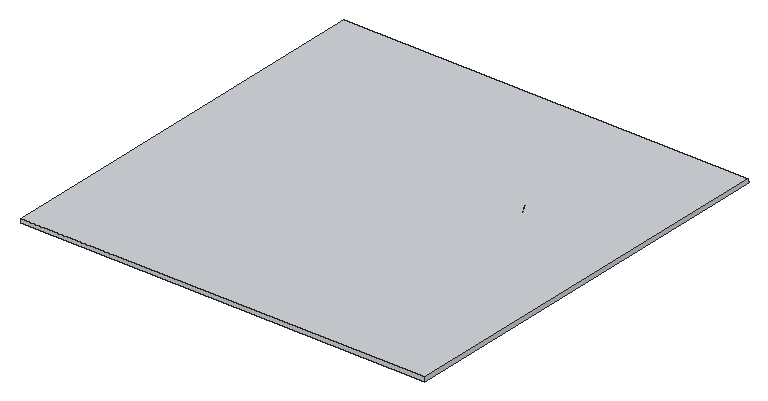
Revit family "Tyco_FireDtctnAlmCtrlIndctEquip_FireClass-AddressableOpticalSmokeAndHeatDetector", category Fire Alarm Devices, host Face, Revit 2013
Parameters (values of type "FC460PH")
  Weight = "(Excluding Base) 76g"
  WarrantyStartDate [instance] = "1900-12-31T23:59:59"
  WarrantyGuarantorParts = "Contact your supplier. If you don’t have your supplier contact details please contact (tfsuk.service@tycoint.com) or (tfseu.service@tycoint.com)"
  WarrantyGuarantorLabor = "Contact your supplier. If you don’t have your supplier contact details please contact (tfsuk.service@tycoint.com) or (tfseu.service@tycoint.com)"
  WarrantyDurationUnit = "Year"
  WarrantyDurationParts = "1.5 years"
  WarrantyDurationLabor = "1.5 years"
  WarrantyDescription = "n/a"
  Voltage = "20 – 40 VDC"
  Version = "1"
  UsageCurrent = "250μA"
  Uniclass2 = "Ee_40_15_75"
  URL = "https://fireclass.co.uk/en/emea/Pages/ProductDetail.aspx?productdetail=FireClass+Smoke+Flame+Detector+Addressable+Optical+Heat+Alarm+FC460PH"
  Type Comments = "Only 4B_Detector or 4B-I_Isolator Detector Bases can be used with FC460PH Detector"
  TimeConstant = "n/a"
  TagNumber [instance] = "n/a"
  SustainabilityPerformance = "n/a"
  StorageTemperature = "-40 °C to +80 °C"
  SmokeSensorRange = "n/a"
  Size = "n/a"
  ShortCircuitIsolators = no
  Shape = "n/a"
  SerialNumber [instance] = "n/a"
  Revision = "n/a"
  ReplacementCost = "n/a"
  RelativeHumidity = "95%(non-condensing)"
  Reference = "n/a"
  QuiescentCurrent = "250μA"
  ProductSpecification = "FC460PH Addressable Optical Smoke and Heat Detector without built in- line isolator and IR Communication Link"
  ProductInformation = "https://fireclass.co.uk/en/emea/Pages/ProductDetail.aspx?productdetail=FireClass+Smoke+Flame+Detector+Addressable+Optical+Heat+Alarm+FC460PH"
  ProductCodes = "516.460.501"
  PressureSensorSetPoint = "n/a"
  PhaseReference = "n/a"
  PhaseAngle = 0.00°
  OperationTemperatureRange = "-25 °C to +70 °C"
  NumberOfPoles = 0
  NominalWidth = 108 mm
  NominalVoltage = "40 V DC"
  NominalLength = 108 mm
  NominalHeight = 42 mm
  NominalFrequencyRange = "n/a"
  NominalDiameter = 108 mm
  NominalCurrent = "n/a"
  Name = "FC460PH Addressable Optical Smoke and Heat Detector without built in- line isolator and IR Communication Link"
  NBSReference = "90-75-30/380"
  NBSDescription = "Fire detection and alarm control and indicating equipment (CIE)"
  ModelReference = "n/a"
  ModelNumber = "FC460PH"
  Model = "FC460PH"
  Material = "Flame Retardant-FR3010 ‘BAYBLEND'"
  ManufacturerURL = "www.fireclass.net"
  ManufacturerName = "Tyco Fire Protection Products"
  Manufacturer = "Tyco Fire Protection Products"  # constant formula
  InsulationStandardClass = "n/a"
  InstallationDate [instance] = "1900-12-31T23:59:59"
  IfcTypeObject = "IfcBuildingElementProxy"
  IfcExportType = "HEATSENSOR"
  IfcExportAs = "IfcSensorType"
  IPCode = "IP44"
  HeatSensorSetPoint = "n/a"
  HeatSensorRange = "n/a"
  HeatSensorAccuracy = "n/a"
  HasProtectiveEarth = no
  HasBuiltInAlarm = no
  Grade = "n/a"
  Finish = "n/a"
  Features = "Photo Heat Multi-Sensor Detector"
  ExpectedLife = "n/a"
  ElectricalDeviceNominalPower = "n/a"
  DurationUnit = "Year"
  DeviceBases = "4B_Detector Base/4B-I_Isolator Detector Base"
  DetectorType = "Photo Heat Multi-Sensor Detector"
  Detector Color = Plastic Material White
  Detector Base [instance] = 4B series Detector Bases : 4B_Detector_Base
  Description = "FireClass-Addressable Optical Smoke and Heat Detector without built in- line isolator and IR Communication Link"
  Default Elevation = 1200 mm
  CoverageArea = "n/a"
  Constituents = "n/a"
  Color = "White"
  CodePerformance = "n/a"
  Category = "Ee_40_15_75"
  Brand = "FireClass"
  BarCode [instance] = "n/a"
  BIMObjectName = "Tyco_FireDtctnAlmCtrlIndctEquip_FireClass-AddressableOpticalSmokeAndHeatDetector-FC460PH"
  Author = "Tyco Fire Protection Products"
  AssetType = "Moveable"
  AssetIdentifier [instance] = "n/a"
  AlarmCurrent = "3.3mA"
  AccuracyOfSmokeSensor = "n/a"
  AccessibilityPerformance = "n/a"
Reference planes
  plane 1 "Center (Front/Back)": y = 0
  plane 2: z = 0
  plane 3 "Center (Left/Right)": x = 0
  plane 4 "Base Ref": z = -13
  plane 5: z = -55
Forms (mm)
  Extrusion 1, solid
    sketch origin (0, 0, 0) x (1, 0, 0) y (0, 1, 0)
      loop
        line (-100, 100) -> (-100, -100) -> (100, -100) -> (100, 100) -> (-100, 100)
    from 0 to 2
Lines and regions (mm)
  symbolic lines
    curve 1: circle (0, 0, 0) r 55 normal (0, 0, 1)
    curve 2: circle (0, 0, 0) r 27.844 normal (0, 0, 1)
    curve 3: line (-54.5, 0, 0) -> (54.5, 0, 0)
    curve 63: line (0, 54.516, 0) -> (0, -54.509, 0)
  symbolic lines, detail levels medium+fine
    curve 4: line (54.5, 0, 0) -> (54, 0, -13)
    curve 5: line (54, 0, -13) -> (-54, 0, -13)
    curve 6: line (-54, 0, -13) -> (-54.5, 0, 0)
    curve 7: arc (-37.856, 0, -36.4) -> (-41.005, 0, -33.439) -> (-44.898, 0, -31.56) r 14.24
    curve 8: arc (-53.231, 0, -21.704) -> (-50.512, 0, -27.856) -> (-44.898, 0, -31.56) r 11.931
    curve 9: arc (-37.856, 0, -36.4) -> (-35.038, 0, -40.489) -> (-32.735, 0, -44.888) r 41.028
    curve 10: arc (-32.735, 0, -44.888) -> (-28.969, 0, -50.351) -> (-22.82, 0, -52.844) r 11.564
    curve 11: arc (0, 0, -55) -> (-11.461, 0, -54.465) -> (-22.82, 0, -52.844) r 120.632
    curve 12: line (-53.231, 0, -21.704) -> (-54, 0, -13)
    curve 13: arc (37.856, 0, -36.4) -> (41.005, 0, -33.439) -> (44.898, 0, -31.56) r 14.24
    curve 14: arc (53.231, 0, -21.704) -> (50.512, 0, -27.856) -> (44.898, 0, -31.56) r 11.931
    curve 15: arc (37.856, 0, -36.4) -> (35.038, 0, -40.489) -> (32.735, 0, -44.888) r 41.028
    curve 16: arc (32.735, 0, -44.888) -> (28.969, 0, -50.351) -> (22.82, 0, -52.844) r 11.564
    curve 17: arc (0, 0, -55) -> (11.461, 0, -54.465) -> (22.82, 0, -52.844) r 120.632
    curve 18: line (53.231, 0, -21.704) -> (54, 0, -13)
    curve 19: spline (-22.136, 0, -44.829) -> (-22.285, 0, -44.257) -> (-22.444, 0, -43.692) -> (-22.614, 0, -43.133) -> (-22.795, 0, -42.58) -> (-22.986, 0, -42.035) -> (-23.187, 0, -41.497) -> (-23.398, 0, -40.966) -> (-23.619, 0, -40.444) -> (-23.851, 0, -39.931) -> (-24.091, 0, -39.426) -> (-24.341, 0, -38.931) -> (-24.601, 0, -38.445)
    curve 20: spline (-24.601, 0, -38.445) -> (-24.702, 0, -38.266) -> (-24.8, 0, -38.089) -> (-24.896, 0, -37.913) -> (-24.989, 0, -37.739) -> (-25.079, 0, -37.565) -> (-25.167, 0, -37.393) -> (-25.251, 0, -37.223) -> (-25.333, 0, -37.055) -> (-25.411, 0, -36.888) -> (-25.487, 0, -36.723) -> (-25.559, 0, -36.561) -> (-25.629, 0, -36.4)
    curve 21: spline (-16.99, 0, -52.18) -> (-17.571, 0, -51.85) -> (-18.133, 0, -51.46) -> (-18.674, 0, -51.012) -> (-19.19, 0, -50.509) -> (-19.678, 0, -49.954) -> (-20.135, 0, -49.35) -> (-20.561, 0, -48.7) -> (-20.951, 0, -48.007) -> (-21.304, 0, -47.275) -> (-21.617, 0, -46.509) -> (-21.89, 0, -45.712) -> (-22.121, 0, -44.888)
    curve 22: spline (-15.029, 0, -52.569) -> (-15.179, 0, -52.575) -> (-15.34, 0, -52.573) -> (-15.509, 0, -52.563) -> (-15.684, 0, -52.545) -> (-15.863, 0, -52.52) -> (-16.042, 0, -52.488) -> (-16.219, 0, -52.45) -> (-16.391, 0, -52.405) -> (-16.557, 0, -52.355) -> (-16.713, 0, -52.3) -> (-16.858, 0, -52.241) -> (-16.99, 0, -52.179)
    curve 23: line (-8.615, 0, -52.569) -> (-15.029, 0, -52.569)
    curve 24: spline (-7.74, 0, -52.193) -> (-7.718, 0, -52.242) -> (-7.714, 0, -52.29) -> (-7.729, 0, -52.336) -> (-7.763, 0, -52.379) -> (-7.816, 0, -52.418) -> (-7.886, 0, -52.454) -> (-7.973, 0, -52.486) -> (-8.076, 0, -52.513) -> (-8.193, 0, -52.535) -> (-8.323, 0, -52.552) -> (-8.464, 0, -52.563) -> (-8.615, 0, -52.569)
    curve 25: spline (-9.631, 0, -44.858) -> (-9.546, 0, -45.688) -> (-9.446, 0, -46.491) -> (-9.331, 0, -47.263) -> (-9.201, 0, -48) -> (-9.057, 0, -48.698) -> (-8.9, 0, -49.353) -> (-8.732, 0, -49.961) -> (-8.552, 0, -50.519) -> (-8.361, 0, -51.024) -> (-8.162, 0, -51.472) -> (-7.955, 0, -51.863) -> (-7.74, 0, -52.193)
    curve 26: spline (-10.535, 0, -38.446) -> (-10.44, 0, -38.934) -> (-10.348, 0, -39.431) -> (-10.26, 0, -39.938) -> (-10.175, 0, -40.454) -> (-10.093, 0, -40.978) -> (-10.016, 0, -41.511) -> (-9.942, 0, -42.052) -> (-9.872, 0, -42.6) -> (-9.806, 0, -43.155) -> (-9.743, 0, -43.716) -> (-9.685, 0, -44.285) -> (-9.631, 0, -44.858)
    curve 27: spline (-11.314, 0, -36.4) -> (-11.222, 0, -36.558) -> (-11.135, 0, -36.719) -> (-11.053, 0, -36.883) -> (-10.976, 0, -37.048) -> (-10.903, 0, -37.216) -> (-10.836, 0, -37.386) -> (-10.773, 0, -37.558) -> (-10.715, 0, -37.732) -> (-10.663, 0, -37.908) -> (-10.615, 0, -38.086) -> (-10.573, 0, -38.265) -> (-10.535, 0, -38.446)
    curve 28: line (-11.314, 0, -36.4) -> (-25.629, 0, -36.4)
    curve 29: line (25.629, 0, -36.4) -> (11.314, 0, -36.4)
    curve 30: spline (10.566, 0, -38.296) -> (10.604, 0, -38.131) -> (10.646, 0, -37.967) -> (10.693, 0, -37.804) -> (10.745, 0, -37.642) -> (10.8, 0, -37.482) -> (10.861, 0, -37.322) -> (10.926, 0, -37.165) -> (10.995, 0, -37.008) -> (11.068, 0, -36.854) -> (11.146, 0, -36.701) -> (11.228, 0, -36.549) -> (11.314, 0, -36.4)
    curve 31: spline (9.631, 0, -44.858) -> (9.686, 0, -44.27) -> (9.747, 0, -43.687) -> (9.811, 0, -43.111) -> (9.879, 0, -42.542) -> (9.951, 0, -41.981) -> (10.028, 0, -41.428) -> (10.108, 0, -40.883) -> (10.192, 0, -40.346) -> (10.28, 0, -39.819) -> (10.371, 0, -39.301) -> (10.467, 0, -38.794) -> (10.566, 0, -38.296)
    curve 32: spline (7.762, 0, -52.162) -> (7.974, 0, -51.829) -> (8.179, 0, -51.436) -> (8.376, 0, -50.987) -> (8.564, 0, -50.482) -> (8.742, 0, -49.926) -> (8.909, 0, -49.32) -> (9.063, 0, -48.669) -> (9.205, 0, -47.976) -> (9.334, 0, -47.244) -> (9.448, 0, -46.478) -> (9.547, 0, -45.681) -> (9.631, 0, -44.858)
    curve 33: spline (8.688, 0, -52.569) -> (8.521, 0, -52.575) -> (8.364, 0, -52.572) -> (8.22, 0, -52.562) -> (8.091, 0, -52.543) -> (7.979, 0, -52.517) -> (7.884, 0, -52.483) -> (7.81, 0, -52.443) -> (7.757, 0, -52.396) -> (7.725, 0, -52.344) -> (7.716, 0, -52.288) -> (7.729, 0, -52.227) -> (7.764, 0, -52.163)
    curve 34: line (8.688, 0, -52.569) -> (15.092, 0, -52.569)
    curve 35: spline (17.057, 0, -52.145) -> (16.931, 0, -52.199) -> (16.791, 0, -52.252) -> (16.637, 0, -52.303) -> (16.473, 0, -52.352) -> (16.301, 0, -52.397) -> (16.124, 0, -52.438) -> (15.944, 0, -52.474) -> (15.763, 0, -52.505) -> (15.585, 0, -52.53) -> (15.413, 0, -52.55) -> (15.247, 0, -52.563) -> (15.092, 0, -52.569)
    curve 36: spline (22.121, 0, -44.888) -> (21.893, 0, -45.704) -> (21.623, 0, -46.494) -> (21.313, 0, -47.254) -> (20.965, 0, -47.98) -> (20.58, 0, -48.668) -> (20.161, 0, -49.314) -> (19.709, 0, -49.916) -> (19.228, 0, -50.469) -> (18.719, 0, -50.971) -> (18.186, 0, -51.419) -> (17.631, 0, -51.811) -> (17.057, 0, -52.145)
    curve 37: spline (24.552, 0, -38.534) -> (24.296, 0, -39.018) -> (24.049, 0, -39.512) -> (23.812, 0, -40.015) -> (23.584, 0, -40.526) -> (23.366, 0, -41.046) -> (23.157, 0, -41.574) -> (22.959, 0, -42.109) -> (22.77, 0, -42.652) -> (22.592, 0, -43.202) -> (22.425, 0, -43.758) -> (22.268, 0, -44.32) -> (22.121, 0, -44.888)
    curve 38: spline (25.629, 0, -36.4) -> (25.553, 0, -36.565) -> (25.475, 0, -36.732) -> (25.394, 0, -36.903) -> (25.31, 0, -37.075) -> (25.224, 0, -37.25) -> (25.135, 0, -37.428) -> (25.044, 0, -37.607) -> (24.95, 0, -37.789) -> (24.854, 0, -37.973) -> (24.756, 0, -38.158) -> (24.655, 0, -38.345) -> (24.552, 0, -38.534)
    curve 39: spline (-5.342, 0, -52.17) -> (-5.554, 0, -51.838) -> (-5.76, 0, -51.446) -> (-5.958, 0, -50.996) -> (-6.146, 0, -50.492) -> (-6.324, 0, -49.935) -> (-6.492, 0, -49.329) -> (-6.647, 0, -48.677) -> (-6.789, 0, -47.982) -> (-6.918, 0, -47.249) -> (-7.032, 0, -46.481) -> (-7.132, 0, -45.683) -> (-7.216, 0, -44.858)
    curve 40: spline (-7.216, 0, -44.858) -> (-7.282, 0, -44.168) -> (-7.354, 0, -43.485) -> (-7.431, 0, -42.812) -> (-7.514, 0, -42.149) -> (-7.603, 0, -41.497) -> (-7.697, 0, -40.857) -> (-7.796, 0, -40.228) -> (-7.901, 0, -39.612) -> (-8.011, 0, -39.01) -> (-8.125, 0, -38.421) -> (-8.245, 0, -37.848) -> (-8.369, 0, -37.289)
    curve 41: spline (-8.369, 0, -37.289) -> (-8.387, 0, -37.213) -> (-8.403, 0, -37.138) -> (-8.418, 0, -37.063) -> (-8.433, 0, -36.988) -> (-8.447, 0, -36.913) -> (-8.46, 0, -36.839) -> (-8.471, 0, -36.765) -> (-8.482, 0, -36.691) -> (-8.492, 0, -36.618) -> (-8.502, 0, -36.545) -> (-8.51, 0, -36.472) -> (-8.517, 0, -36.4)
    curve 42: line (8.517, 0, -36.4) -> (-8.517, 0, -36.4)
    curve 43: spline (8.517, 0, -36.4) -> (8.51, 0, -36.474) -> (8.501, 0, -36.548) -> (8.491, 0, -36.622) -> (8.481, 0, -36.697) -> (8.47, 0, -36.772) -> (8.457, 0, -36.847) -> (8.444, 0, -36.923) -> (8.43, 0, -37) -> (8.415, 0, -37.076) -> (8.399, 0, -37.153) -> (8.383, 0, -37.231) -> (8.365, 0, -37.308)
    curve 44: spline (8.365, 0, -37.308) -> (8.241, 0, -37.866) -> (8.122, 0, -38.438) -> (8.008, 0, -39.025) -> (7.899, 0, -39.626) -> (7.794, 0, -40.241) -> (7.695, 0, -40.868) -> (7.602, 0, -41.507) -> (7.513, 0, -42.157) -> (7.43, 0, -42.818) -> (7.353, 0, -43.489) -> (7.282, 0, -44.17) -> (7.216, 0, -44.858)
    curve 45: spline (7.216, 0, -44.858) -> (7.132, 0, -45.678) -> (7.034, 0, -46.472) -> (6.92, 0, -47.236) -> (6.792, 0, -47.966) -> (6.651, 0, -48.657) -> (6.497, 0, -49.307) -> (6.331, 0, -49.911) -> (6.155, 0, -50.467) -> (5.968, 0, -50.971) -> (5.772, 0, -51.421) -> (5.568, 0, -51.815) -> (5.357, 0, -52.149)
    curve 46: spline (5.355, 0, -52.148) -> (5.306, 0, -52.202) -> (5.236, 0, -52.255) -> (5.147, 0, -52.305) -> (5.039, 0, -52.353) -> (4.913, 0, -52.398) -> (4.773, 0, -52.439) -> (4.62, 0, -52.475) -> (4.456, 0, -52.505) -> (4.283, 0, -52.531) -> (4.104, 0, -52.55) -> (3.922, 0, -52.563) -> (3.739, 0, -52.569)
    curve 47: line (-3.661, 0, -52.569) -> (3.739, 0, -52.569)
    curve 48: spline (-3.661, 0, -52.569) -> (-3.845, 0, -52.575) -> (-4.029, 0, -52.573) -> (-4.211, 0, -52.562) -> (-4.387, 0, -52.544) -> (-4.556, 0, -52.519) -> (-4.715, 0, -52.486) -> (-4.862, 0, -52.446) -> (-4.994, 0, -52.4) -> (-5.109, 0, -52.348) -> (-5.207, 0, -52.292) -> (-5.284, 0, -52.232) -> (-5.341, 0, -52.169)
    curve 49: line (44.898, 0, -31.56) -> (-44.898, 0, -31.56)
    curve 50: spline (0, 37.856, -36.4) -> (0, 37.299, -37.005) -> (0, 36.763, -37.63) -> (0, 36.251, -38.275) -> (0, 35.762, -38.94) -> (0, 35.296, -39.622) -> (0, 34.855, -40.322) -> (0, 34.439, -41.038) -> (0, 34.049, -41.77) -> (0, 33.685, -42.516) -> (0, 33.348, -43.275) -> (0, 33.038, -44.046) -> (0, 32.755, -44.829)
    curve 51: spline (0, 32.755, -44.829) -> (0, 32.382, -45.801) -> (0, 31.928, -46.735) -> (0, 31.397, -47.625) -> (0, 30.793, -48.464) -> (0, 30.122, -49.246) -> (0, 29.387, -49.964) -> (0, 28.594, -50.613) -> (0, 27.75, -51.188) -> (0, 26.861, -51.685) -> (0, 25.934, -52.1) -> (0, 24.975, -52.43) -> (0, 23.992, -52.672)
    curve 52: arc (0, 53.231, -21.704) -> (0, 50.509, -27.854) -> (0, 44.898, -31.56) r 11.949
    curve 53: arc (0, 44.898, -31.56) -> (0, 41.006, -33.441) -> (0, 37.856, -36.4) r 14.284
    curve 54: arc (0, 23.992, -52.672) -> (0, 12.052, -54.412) -> (0, 0, -55) r 125.727
    curve 55: line (0, 53.231, -21.704) -> (0, 53.992, -13)
    curve 56: spline (0, -37.856, -36.4) -> (0, -37.299, -37.005) -> (0, -36.763, -37.63) -> (0, -36.251, -38.275) -> (0, -35.762, -38.94) -> (0, -35.296, -39.622) -> (0, -34.855, -40.322) -> (0, -34.439, -41.038) -> (0, -34.049, -41.77) -> (0, -33.685, -42.516) -> (0, -33.348, -43.275) -> (0, -33.038, -44.046) -> (0, -32.755, -44.829)
    curve 57: spline (0, -32.755, -44.829) -> (0, -32.382, -45.801) -> (0, -31.928, -46.735) -> (0, -31.397, -47.625) -> (0, -30.793, -48.464) -> (0, -30.122, -49.246) -> (0, -29.387, -49.964) -> (0, -28.594, -50.613) -> (0, -27.75, -51.188) -> (0, -26.861, -51.685) -> (0, -25.934, -52.1) -> (0, -24.975, -52.43) -> (0, -23.992, -52.672)
    curve 58: arc (0, -53.231, -21.704) -> (0, -50.509, -27.854) -> (0, -44.898, -31.56) r 11.949
    curve 59: arc (0, -44.898, -31.56) -> (0, -41.006, -33.441) -> (0, -37.856, -36.4) r 14.284
    curve 60: arc (0, -23.992, -52.672) -> (0, -12.052, -54.412) -> (0, 0, -55) r 125.727
    curve 61: line (0, -53.231, -21.704) -> (0, -53.992, -13)
    curve 62: line (0, 53.992, -13) -> (0, -53.992, -13)
    curve 64: line (0, -54.509, 0) -> (0, -53.992, -13)
    curve 65: line (0, 53.992, -13) -> (0, 54.516, 0)
    curve 66: line (0, 53.231, -21.704) -> (0, -53.231, -21.704)
    curve 67: spline (0, 5.342, -52.17) -> (0, 5.554, -51.838) -> (0, 5.76, -51.446) -> (0, 5.958, -50.996) -> (0, 6.146, -50.492) -> (0, 6.324, -49.935) -> (0, 6.492, -49.329) -> (0, 6.647, -48.677) -> (0, 6.789, -47.982) -> (0, 6.918, -47.249) -> (0, 7.032, -46.481) -> (0, 7.132, -45.683) -> (0, 7.216, -44.858)
    curve 68: spline (0, 3.661, -52.569) -> (0, 3.845, -52.575) -> (0, 4.029, -52.573) -> (0, 4.21, -52.562) -> (0, 4.387, -52.544) -> (0, 4.556, -52.519) -> (0, 4.715, -52.486) -> (0, 4.862, -52.446) -> (0, 4.994, -52.4) -> (0, 5.109, -52.348) -> (0, 5.207, -52.292) -> (0, 5.284, -52.232) -> (0, 5.341, -52.169)
    curve 69: line (0, 0, -52.569) -> (0, 3.661, -52.569)
    curve 70: line (0, -3.739, -52.569) -> (0, 0, -52.569)
    curve 71: spline (0, -5.355, -52.148) -> (0, -5.306, -52.202) -> (0, -5.236, -52.255) -> (0, -5.147, -52.305) -> (0, -5.039, -52.353) -> (0, -4.913, -52.398) -> (0, -4.773, -52.439) -> (0, -4.62, -52.475) -> (0, -4.456, -52.505) -> (0, -4.283, -52.531) -> (0, -4.104, -52.55) -> (0, -3.922, -52.563) -> (0, -3.739, -52.569)
    curve 72: spline (0, -7.216, -44.858) -> (0, -7.132, -45.678) -> (0, -7.034, -46.472) -> (0, -6.92, -47.236) -> (0, -6.792, -47.966) -> (0, -6.651, -48.657) -> (0, -6.497, -49.307) -> (0, -6.331, -49.911) -> (0, -6.155, -50.467) -> (0, -5.968, -50.971) -> (0, -5.772, -51.421) -> (0, -5.568, -51.815) -> (0, -5.357, -52.149)
    curve 73: spline (0, -8.365, -37.308) -> (0, -8.241, -37.866) -> (0, -8.122, -38.438) -> (0, -8.008, -39.025) -> (0, -7.899, -39.626) -> (0, -7.794, -40.241) -> (0, -7.695, -40.868) -> (0, -7.602, -41.507) -> (0, -7.513, -42.157) -> (0, -7.43, -42.818) -> (0, -7.353, -43.489) -> (0, -7.282, -44.17) -> (0, -7.216, -44.858)
    curve 74: spline (0, 7.216, -44.858) -> (0, 7.282, -44.165) -> (0, 7.354, -43.48) -> (0, 7.432, -42.805) -> (0, 7.516, -42.14) -> (0, 7.605, -41.486) -> (0, 7.699, -40.843) -> (0, 7.799, -40.212) -> (0, 7.904, -39.594) -> (0, 8.014, -38.99) -> (0, 8.13, -38.4) -> (0, 8.25, -37.825) -> (0, 8.375, -37.265)
    curve 75: spline (0, 8.375, -37.265) -> (0, 8.391, -37.191) -> (0, 8.407, -37.118) -> (0, 8.422, -37.045) -> (0, 8.436, -36.972) -> (0, 8.449, -36.899) -> (0, 8.462, -36.827) -> (0, 8.473, -36.755) -> (0, 8.484, -36.683) -> (0, 8.493, -36.612) -> (0, 8.502, -36.541) -> (0, 8.51, -36.47) -> (0, 8.517, -36.4)
    curve 76: line (0, 8.517, -36.4) -> (0, 0, -36.4)
    curve 77: line (0, 0, -36.4) -> (0, -8.517, -36.4)
    curve 78: spline (0, -8.517, -36.4) -> (0, -8.51, -36.474) -> (0, -8.501, -36.548) -> (0, -8.491, -36.622) -> (0, -8.481, -36.697) -> (0, -8.47, -36.772) -> (0, -8.457, -36.848) -> (0, -8.444, -36.923) -> (0, -8.43, -37) -> (0, -8.415, -37.076) -> (0, -8.399, -37.153) -> (0, -8.383, -37.231) -> (0, -8.365, -37.308)
    curve 79: spline (0, 11.314, -36.4) -> (0, 11.222, -36.558) -> (0, 11.135, -36.719) -> (0, 11.053, -36.882) -> (0, 10.976, -37.048) -> (0, 10.903, -37.216) -> (0, 10.836, -37.386) -> (0, 10.773, -37.558) -> (0, 10.715, -37.732) -> (0, 10.663, -37.907) -> (0, 10.615, -38.085) -> (0, 10.573, -38.264) -> (0, 10.535, -38.445)
    curve 80: spline (0, 10.535, -38.445) -> (0, 10.44, -38.933) -> (0, 10.348, -39.43) -> (0, 10.26, -39.937) -> (0, 10.175, -40.453) -> (0, 10.094, -40.978) -> (0, 10.016, -41.51) -> (0, 9.942, -42.051) -> (0, 9.872, -42.599) -> (0, 9.806, -43.154) -> (0, 9.743, -43.716) -> (0, 9.685, -44.284) -> (0, 9.631, -44.858)
    curve 81: spline (0, 9.631, -44.858) -> (0, 9.546, -45.688) -> (0, 9.446, -46.491) -> (0, 9.33, -47.263) -> (0, 9.201, -48) -> (0, 9.057, -48.698) -> (0, 8.9, -49.353) -> (0, 8.732, -49.961) -> (0, 8.552, -50.519) -> (0, 8.361, -51.024) -> (0, 8.162, -51.472) -> (0, 7.955, -51.863) -> (0, 7.74, -52.193)
    curve 82: spline (0, 7.74, -52.193) -> (0, 7.718, -52.242) -> (0, 7.714, -52.29) -> (0, 7.729, -52.336) -> (0, 7.763, -52.379) -> (0, 7.816, -52.418) -> (0, 7.886, -52.454) -> (0, 7.973, -52.486) -> (0, 8.076, -52.513) -> (0, 8.193, -52.535) -> (0, 8.323, -52.552) -> (0, 8.464, -52.563) -> (0, 8.616, -52.569)
    curve 83: line (0, 8.616, -52.569) -> (0, 15.029, -52.569)
    curve 84: spline (0, 15.029, -52.569) -> (0, 15.179, -52.575) -> (0, 15.34, -52.573) -> (0, 15.509, -52.563) -> (0, 15.684, -52.545) -> (0, 15.863, -52.52) -> (0, 16.041, -52.488) -> (0, 16.219, -52.45) -> (0, 16.391, -52.405) -> (0, 16.557, -52.355) -> (0, 16.713, -52.3) -> (0, 16.858, -52.241) -> (0, 16.99, -52.179)
    curve 85: spline (0, 16.99, -52.18) -> (0, 17.571, -51.85) -> (0, 18.133, -51.46) -> (0, 18.674, -51.012) -> (0, 19.19, -50.509) -> (0, 19.678, -49.954) -> (0, 20.135, -49.35) -> (0, 20.561, -48.7) -> (0, 20.951, -48.007) -> (0, 21.304, -47.275) -> (0, 21.617, -46.509) -> (0, 21.89, -45.712) -> (0, 22.121, -44.888)
    curve 86: spline (0, 22.136, -44.829) -> (0, 22.285, -44.257) -> (0, 22.444, -43.692) -> (0, 22.614, -43.133) -> (0, 22.795, -42.58) -> (0, 22.985, -42.035) -> (0, 23.187, -41.497) -> (0, 23.398, -40.967) -> (0, 23.619, -40.445) -> (0, 23.85, -39.931) -> (0, 24.091, -39.426) -> (0, 24.341, -38.931) -> (0, 24.601, -38.445)
    curve 87: spline (0, 24.601, -38.445) -> (0, 24.702, -38.267) -> (0, 24.8, -38.09) -> (0, 24.896, -37.914) -> (0, 24.989, -37.739) -> (0, 25.079, -37.566) -> (0, 25.167, -37.394) -> (0, 25.251, -37.224) -> (0, 25.333, -37.055) -> (0, 25.411, -36.888) -> (0, 25.487, -36.724) -> (0, 25.559, -36.561) -> (0, 25.629, -36.4)
    curve 88: line (0, 25.629, -36.4) -> (0, 11.314, -36.4)
    curve 89: line (0, -11.314, -36.4) -> (0, -25.629, -36.4)
    curve 90: spline (0, -25.629, -36.4) -> (0, -25.553, -36.565) -> (0, -25.475, -36.733) -> (0, -25.394, -36.903) -> (0, -25.31, -37.076) -> (0, -25.224, -37.251) -> (0, -25.135, -37.428) -> (0, -25.044, -37.608) -> (0, -24.95, -37.789) -> (0, -24.854, -37.973) -> (0, -24.755, -38.159) -> (0, -24.655, -38.346) -> (0, -24.552, -38.535)
    curve 91: spline (0, -24.552, -38.535) -> (0, -24.298, -39.015) -> (0, -24.053, -39.504) -> (0, -23.818, -40.002) -> (0, -23.591, -40.509) -> (0, -23.375, -41.024) -> (0, -23.168, -41.546) -> (0, -22.97, -42.077) -> (0, -22.783, -42.614) -> (0, -22.606, -43.159) -> (0, -22.439, -43.709) -> (0, -22.282, -44.266) -> (0, -22.136, -44.829)
    curve 92: spline (0, -22.121, -44.888) -> (0, -21.893, -45.704) -> (0, -21.623, -46.494) -> (0, -21.313, -47.254) -> (0, -20.965, -47.98) -> (0, -20.58, -48.668) -> (0, -20.161, -49.314) -> (0, -19.709, -49.916) -> (0, -19.228, -50.469) -> (0, -18.719, -50.971) -> (0, -18.186, -51.419) -> (0, -17.631, -51.811) -> (0, -17.057, -52.145)
    curve 93: spline (0, -17.057, -52.145) -> (0, -16.931, -52.199) -> (0, -16.79, -52.252) -> (0, -16.637, -52.304) -> (0, -16.473, -52.352) -> (0, -16.301, -52.397) -> (0, -16.124, -52.438) -> (0, -15.944, -52.474) -> (0, -15.763, -52.505) -> (0, -15.585, -52.53) -> (0, -15.413, -52.55) -> (0, -15.247, -52.563) -> (0, -15.092, -52.569)
    curve 94: line (0, -8.688, -52.569) -> (0, -15.092, -52.569)
    curve 95: spline (0, -8.688, -52.569) -> (0, -8.521, -52.575) -> (0, -8.364, -52.573) -> (0, -8.22, -52.562) -> (0, -8.091, -52.544) -> (0, -7.978, -52.517) -> (0, -7.884, -52.484) -> (0, -7.81, -52.443) -> (0, -7.757, -52.397) -> (0, -7.725, -52.344) -> (0, -7.716, -52.287) -> (0, -7.729, -52.226) -> (0, -7.764, -52.163)
    curve 96: spline (0, -7.763, -52.162) -> (0, -7.975, -51.828) -> (0, -8.18, -51.436) -> (0, -8.376, -50.986) -> (0, -8.564, -50.482) -> (0, -8.742, -49.925) -> (0, -8.909, -49.32) -> (0, -9.063, -48.669) -> (0, -9.205, -47.976) -> (0, -9.334, -47.244) -> (0, -9.448, -46.478) -> (0, -9.547, -45.681) -> (0, -9.631, -44.858)
    curve 97: spline (0, -9.631, -44.858) -> (0, -9.686, -44.27) -> (0, -9.747, -43.687) -> (0, -9.811, -43.111) -> (0, -9.879, -42.542) -> (0, -9.951, -41.981) -> (0, -10.028, -41.427) -> (0, -10.108, -40.882) -> (0, -10.192, -40.346) -> (0, -10.28, -39.818) -> (0, -10.372, -39.301) -> (0, -10.467, -38.793) -> (0, -10.566, -38.295)
    curve 98: spline (0, -10.566, -38.295) -> (0, -10.604, -38.13) -> (0, -10.646, -37.966) -> (0, -10.693, -37.803) -> (0, -10.745, -37.642) -> (0, -10.8, -37.481) -> (0, -10.861, -37.322) -> (0, -10.926, -37.164) -> (0, -10.995, -37.008) -> (0, -11.068, -36.854) -> (0, -11.146, -36.701) -> (0, -11.228, -36.549) -> (0, -11.314, -36.4)
  symbolic lines, detail levels coarse
    curve 99: line (-54.5, 0, -55) -> (-54.5, 0, 0)
    curve 100: line (54.559, 0, -55) -> (-54.5, 0, -55)
    curve 101: line (54.559, 0, 0) -> (54.559, 0, -55)
    curve 102: line (0, 54.516, 0) -> (0, 54.516, -55)
    curve 103: line (0, -54.509, 0) -> (0, -54.509, -55)
    curve 104: line (0, -54.509, -55) -> (0, 54.516, -55)
Dimensions and locks
  locked: plane 4 "Base Ref" to plane 5 at 42
  locked: Extrusion 1 sketch curve to Extrusion 1 sketch curve at 200  (x2)
  locked: plane 3 "Center (Left/Right)" to Extrusion 1 sketch curve at 100
  locked: plane 1 "Center (Front/Back)" to Extrusion 1 sketch curve at 100
  locked: level to plane 4 "Base Ref" at 13
  aligned and locked: plane 2 to Extrusion 1
  aligned and locked: level to Extrusion 1
  aligned and locked: plane 3 "Center (Left/Right)" to nested 1
  aligned and locked: plane 1 "Center (Front/Back)" to nested 1
  aligned and locked: plane 1 "Center (Front/Back)" to nested 2
  aligned and locked: plane 3 "Center (Left/Right)" to nested 2
  aligned and locked: plane 1 "Center (Front/Back)" to curve 1
  aligned and locked: plane 3 "Center (Left/Right)" to curve 1
  aligned and locked: plane 1 "Center (Front/Back)" to curve 2
  aligned and locked: plane 3 "Center (Left/Right)" to curve 2
  aligned and locked: plane 4 "Base Ref" to nested 1
  aligned and locked: nested 1 to Extrusion 1
  aligned and locked: curve 12 to nested 2
  aligned and locked: curve 28 to nested 2
  aligned and locked: nested 1 to curve 62
  aligned and locked: nested 2 to curve 88
  aligned and locked: curve 99 to nested 1
  aligned and locked: plane 5 to curve 100
  aligned and locked: curve 101 to nested 1
  aligned and locked: nested 1 to curve 99
  aligned and locked: plane 5 to curve 104
Nested families
  nested 1: "4B series Detector Bases" at (0, 0, 0), type <- "Detector Base", type "4B_Detector_Base"
  nested 2: "Detector Model" at (0, 0, -13), type "Detector Model"
Connectors
  electrical at (0, 0, 0)
    settings: on plane 2, index 1, voltage 0 V, apparent load 0 VA, apparent load phase1 0 VA, apparent load phase2 0 VA, apparent load phase3 0 VA, power factor 1, load classification "Other", number of poles 1, system type 11, power factor state 1, is connector primary yes, connector utility no, sub classification motor no, connector description "Loop Powered"
Definition of nested family "4B series Detector Bases"
  Parameters (values of type "4B-I_Isolator_Detector_Base")
    Material = Plastic Material White
    Manufacturer = "Tyco"
    Default Elevation = 0 mm
  Types (3): name
    4B_Detector_Base
    4B-C_Continuity_Detector_Base
    4B-I_Isolator_Detector_Base
  Reference planes
    plane 1 "Center (Front/Back)": y = 0
    plane 2: z = 0
    plane 3 "Center (Left/Right)": x = 0
    plane 4 "Base Ref": z = -13
  Forms (mm)
    Revolve 1, solid, material "Plastic Material White" <- "Material"
      sketch origin (0, 0, 0) x (1, 0, 0) y (0, 0, 1)
        loop
          line (0, 0) -> (-54.5, 0) -> (-54.023, -13) -> (0, -13) -> (0, 0)
        axis (0, 0) -> (0, -13)
      angle from 0 to 360
  Dimensions and locks
    locked: plane 3 "Center (Left/Right)" to Revolve 1 sketch curve at 54.5
    plane 3 "Center (Left/Right)" to Revolve 1 sketch curve = 54.023 mm
    locked: level to plane 4 "Base Ref" at 13
    locked: Revolve 1 sketch curve to Revolve 1 sketch curve (angle 87.90°)
    aligned and locked: level to plane 2
    aligned and locked: plane 3 "Center (Left/Right)" to Revolve 1 sketch curve
    aligned and locked: level to Revolve 1 sketch curve
    aligned and locked: Revolve 1 sketch curve to plane 3 "Center (Left/Right)"
    aligned and locked: plane 4 "Base Ref" to Revolve 1 sketch curve
Definition of nested family "Detector Model"
  Parameters (values of type "Detector Model")
    Model = "Detector Model"
    Material = Plastic Material White
    Manufacturer = "Tyco"
  Reference planes
    plane 1 "Center (Front/Back)": y = 0
    plane 2: z = 0
    plane 3 "Center (Left/Right)": x = 0
    plane 4: z = -42
    plane 5 "Ref": z = -23.4
  Forms (mm)
    Revolve 1, solid, material "Plastic Material White" <- "Material"
      sketch origin (0, 0, 0) x (1, 0, 0) y (0, 0, 1)
        loop
          arc (-53.231, -8.704) -> (-50.502, -14.848) -> (-44.898, -18.56) r 12
          arc (-44.898, -18.56) -> (-37.35, -23.928) -> (-32.568, -31.859) r 22.749
          arc (-32.568, -31.859) -> (-29.115, -36.946) -> (-23.598, -39.657) r 12.009
          arc (-23.598, -39.657) -> (-11.857, -41.413) -> (0, -42) r 120
          line (0, -42) -> (0, -39.5)
          arc (0, -39.5) -> (-11.964, -38.889) -> (-23.804, -37.064) r 117.5
          line (-23.804, -37.064) -> (-27.901, -23.206) -> (-38.112, -19.797)
          arc (-38.112, -19.797) -> (-40.949, -17.799) -> (-44.033, -16.209) r 25.249
          arc (-44.033, -16.209) -> (-48.534, -13.303) -> (-50.746, -8.424) r 9.5
          line (-50.746, -8.424) -> (-51.49, 0) -> (-54, 0) -> (-53.231, -8.704)
        axis (0, 0) -> (0, -42)
      angle from 0 to 360
    Extrusion 2, void
      sketch origin (0, 0, 0) x (1, 0, 0) y (0, 1, 0)
        loop
          arc (3.675, 23.717) -> (4.724, 23.943) -> (5.354, 24.811) r 1.5
          line (5.354, 24.811) -> (8.376, 36.088)
          arc (8.376, 36.088) -> (8.535, 37.153) -> (8.464, 38.226) r 5
          line (8.464, 38.226) -> (7.11, 45.906)
          arc (7.11, 45.906) -> (0, 46.454) -> (-7.11, 45.906) r 46.454
          line (-7.11, 45.906) -> (-8.464, 38.226)
          arc (-8.464, 38.226) -> (-8.535, 37.14) -> (-8.369, 36.064) r 5
          line (-8.369, 36.064) -> (-5.354, 24.811)
          arc (-5.354, 24.811) -> (-4.724, 23.943) -> (-3.675, 23.717) r 1.5
          arc (-3.675, 23.717) -> (0, 24) -> (3.675, 23.717) r 24
        loop
          line (-34.489, 10.535) -> (-24.164, 7.769)
          arc (-24.164, 7.769) -> (-23.097, 7.88) -> (-22.377, 8.675) r 1.5
          arc (-22.377, 8.675) -> (-20.785, 12) -> (-18.702, 15.041) r 24
          arc (-18.702, 15.041) -> (-18.373, 16.063) -> (-18.81, 17.042) r 1.5
          line (-18.81, 17.042) -> (-26.368, 24.601)
          arc (-26.368, 24.601) -> (-27.121, 25.219) -> (-27.978, 25.679) r 5
          line (-27.978, 25.679) -> (-36.201, 29.11)
          arc (-36.201, 29.11) -> (-40.23, 23.227) -> (-43.311, 16.796) r 46.454
          line (-43.311, 16.796) -> (-36.229, 11.391)
          arc (-36.229, 11.391) -> (-35.401, 10.878) -> (-34.489, 10.535) r 5
        loop
          line (-24.811, 5.354) -> (-36.089, 8.376)
          arc (-36.089, 8.376) -> (-37.153, 8.535) -> (-38.226, 8.464) r 5
          line (-38.226, 8.464) -> (-45.906, 7.11)
          arc (-45.906, 7.11) -> (-46.454, 0) -> (-45.906, -7.11) r 46.454
          line (-45.906, -7.11) -> (-38.226, -8.464)
          arc (-38.226, -8.464) -> (-37.153, -8.535) -> (-36.088, -8.376) r 5
          line (-36.088, -8.376) -> (-24.811, -5.354)
          arc (-24.811, -5.354) -> (-23.943, -4.724) -> (-23.717, -3.675) r 1.5
          arc (-23.717, -3.675) -> (-24, 0) -> (-23.717, 3.675) r 24
          arc (-23.717, 3.675) -> (-23.943, 4.724) -> (-24.811, 5.354) r 1.5
        loop
          line (-24.601, 26.369) -> (-17.042, 18.81)
          arc (-17.042, 18.81) -> (-16.063, 18.373) -> (-15.041, 18.702) r 1.5
          arc (-15.041, 18.702) -> (-12, 20.785) -> (-8.676, 22.377) r 24
          arc (-8.676, 22.377) -> (-7.88, 23.097) -> (-7.769, 24.164) r 1.5
          line (-7.769, 24.164) -> (-10.535, 34.489)
          arc (-10.535, 34.489) -> (-10.878, 35.4) -> (-11.39, 36.228) r 5
          line (-11.39, 36.228) -> (-16.796, 43.311)
          arc (-16.796, 43.311) -> (-23.227, 40.23) -> (-29.11, 36.201) r 46.454
          line (-29.11, 36.201) -> (-25.68, 27.979)
          arc (-25.68, 27.979) -> (-25.219, 27.121) -> (-24.601, 26.369) r 5
        loop
          arc (7.772, 24.177) -> (7.877, 23.103) -> (8.675, 22.377) r 1.5
          arc (8.675, 22.377) -> (12, 20.785) -> (15.041, 18.702) r 24
          arc (15.041, 18.702) -> (16.062, 18.373) -> (17.042, 18.81) r 1.5
          line (17.042, 18.81) -> (24.601, 26.369)
          arc (24.601, 26.369) -> (25.219, 27.121) -> (25.68, 27.979) r 5
          line (25.68, 27.979) -> (29.11, 36.201)
          arc (29.11, 36.201) -> (23.227, 40.23) -> (16.796, 43.311) r 46.454
          line (16.796, 43.311) -> (11.39, 36.228)
          arc (11.39, 36.228) -> (10.878, 35.4) -> (10.535, 34.489) r 5
          line (10.535, 34.489) -> (7.772, 24.177)
        loop
          arc (18.818, 17.05) -> (18.373, 16.068) -> (18.702, 15.041) r 1.5
          arc (18.702, 15.041) -> (20.785, 12) -> (22.377, 8.675) r 24
          arc (22.377, 8.675) -> (23.097, 7.88) -> (24.164, 7.769) r 1.5
          line (24.164, 7.769) -> (34.489, 10.535)
          arc (34.489, 10.535) -> (35.401, 10.878) -> (36.229, 11.391) r 5
          line (36.229, 11.391) -> (43.311, 16.796)
          arc (43.311, 16.796) -> (40.23, 23.227) -> (36.201, 29.11) r 46.454
          line (36.201, 29.11) -> (27.978, 25.679)
          arc (27.978, 25.679) -> (27.121, 25.219) -> (26.368, 24.601) r 5
          line (26.368, 24.601) -> (18.818, 17.05)
        loop
          arc (23.717, -3.675) -> (23.943, -4.724) -> (24.811, -5.354) r 1.5
          line (24.811, -5.354) -> (36.085, -8.375)
          arc (36.085, -8.375) -> (37.151, -8.535) -> (38.226, -8.464) r 5
          line (38.226, -8.464) -> (45.906, -7.11)
          arc (45.906, -7.11) -> (46.454, 0) -> (45.906, 7.11) r 46.454
          line (45.906, 7.11) -> (38.226, 8.464)
          arc (38.226, 8.464) -> (37.151, 8.535) -> (36.085, 8.375) r 5
          line (36.085, 8.375) -> (24.811, 5.354)
          arc (24.811, 5.354) -> (23.943, 4.724) -> (23.717, 3.675) r 1.5
          arc (23.717, 3.675) -> (24, 0) -> (23.717, -3.675) r 24
        loop
          arc (18.702, -15.041) -> (18.372, -16.057) -> (18.802, -17.034) r 1.5
          line (18.802, -17.034) -> (26.368, -24.601)
          arc (26.368, -24.601) -> (27.121, -25.219) -> (27.978, -25.679) r 5
          line (27.978, -25.679) -> (36.201, -29.11)
          arc (36.201, -29.11) -> (40.23, -23.227) -> (43.311, -16.796) r 46.454
          line (43.311, -16.796) -> (36.229, -11.391)
          arc (36.229, -11.391) -> (35.401, -10.878) -> (34.489, -10.535) r 5
          line (34.489, -10.535) -> (24.164, -7.769)
          arc (24.164, -7.769) -> (23.097, -7.88) -> (22.377, -8.675) r 1.5
          arc (22.377, -8.675) -> (20.785, -12) -> (18.702, -15.041) r 24
        loop
          arc (8.675, -22.377) -> (7.883, -23.091) -> (7.765, -24.151) r 1.5
          line (7.765, -24.151) -> (10.535, -34.489)
          arc (10.535, -34.489) -> (10.878, -35.4) -> (11.39, -36.228) r 5
          line (11.39, -36.228) -> (16.796, -43.311)
          arc (16.796, -43.311) -> (23.227, -40.23) -> (29.11, -36.201) r 46.454
          line (29.11, -36.201) -> (25.68, -27.979)
          arc (25.68, -27.979) -> (25.219, -27.121) -> (24.601, -26.369) r 5
          line (24.601, -26.369) -> (17.042, -18.81)
          arc (17.042, -18.81) -> (16.062, -18.373) -> (15.041, -18.702) r 1.5
          arc (15.041, -18.702) -> (12, -20.785) -> (8.675, -22.377) r 24
        loop
          line (8.376, -36.088) -> (5.354, -24.811)
          arc (5.354, -24.811) -> (4.724, -23.943) -> (3.675, -23.717) r 1.5
          arc (3.675, -23.717) -> (0, -24) -> (-3.675, -23.717) r 24
          arc (-3.675, -23.717) -> (-4.724, -23.943) -> (-5.354, -24.811) r 1.5
          line (-5.354, -24.811) -> (-8.369, -36.064)
          arc (-8.369, -36.064) -> (-8.535, -37.14) -> (-8.464, -38.226) r 5
          line (-8.464, -38.226) -> (-7.11, -45.906)
          arc (-7.11, -45.906) -> (0, -46.454) -> (7.11, -45.906) r 46.454
          line (7.11, -45.906) -> (8.464, -38.226)
          arc (8.464, -38.226) -> (8.535, -37.153) -> (8.376, -36.088) r 5
        loop
          line (-10.535, -34.489) -> (-7.769, -24.164)
          arc (-7.769, -24.164) -> (-7.88, -23.097) -> (-8.676, -22.377) r 1.5
          arc (-8.676, -22.377) -> (-12, -20.785) -> (-15.041, -18.702) r 24
          arc (-15.041, -18.702) -> (-16.063, -18.373) -> (-17.042, -18.81) r 1.5
          line (-17.042, -18.81) -> (-24.601, -26.369)
          arc (-24.601, -26.369) -> (-25.219, -27.121) -> (-25.68, -27.979) r 5
          line (-25.68, -27.979) -> (-29.11, -36.201)
          arc (-29.11, -36.201) -> (-23.227, -40.23) -> (-16.796, -43.311) r 46.454
          line (-16.796, -43.311) -> (-11.39, -36.228)
          arc (-11.39, -36.228) -> (-10.878, -35.4) -> (-10.535, -34.489) r 5
        loop
          line (-26.368, -24.601) -> (-18.81, -17.042)
          arc (-18.81, -17.042) -> (-18.373, -16.063) -> (-18.702, -15.041) r 1.5
          arc (-18.702, -15.041) -> (-20.785, -12) -> (-22.377, -8.675) r 24
          arc (-22.377, -8.675) -> (-23.097, -7.88) -> (-24.164, -7.769) r 1.5
          line (-24.164, -7.769) -> (-34.489, -10.535)
          arc (-34.489, -10.535) -> (-35.401, -10.878) -> (-36.229, -11.391) r 5
          line (-36.229, -11.391) -> (-43.311, -16.796)
          arc (-43.311, -16.796) -> (-40.23, -23.227) -> (-36.201, -29.11) r 46.454
          line (-36.201, -29.11) -> (-27.978, -25.679)
          arc (-27.978, -25.679) -> (-27.121, -25.219) -> (-26.368, -24.601) r 5
      from -42 to -23.4
    Revolve 3, solid, material "Material Black", detail levels fine
      sketch origin (0, 0, 0) x (1, 0, 0) y (0, 0, 1)
        loop
          line (0, -39.569) -> (0, 0) -> (-50, 0) -> (-50, -8.704) -> (-34, -8.704)
          arc (-34, -8.704) -> (-31.172, -9.876) -> (-30, -12.704) r 4
          line (-30, -12.704) -> (-30, -21.4)
          arc (-30, -21.4) -> (-29.414, -22.814) -> (-28, -23.4) r 2
          line (-28, -23.4) -> (-22, -23.4)
          arc (-22, -23.4) -> (-20.586, -23.986) -> (-20, -25.4) r 2
          line (-20, -25.4) -> (-20, -37.569)
          arc (-20, -37.569) -> (-19.414, -38.983) -> (-18, -39.569) r 2
          line (-18, -39.569) -> (0, -39.569)
        axis (0, 0) -> (0, -39.569)
      angle from 0 to 360
  Cuts and joins
    Extrusion 2 cuts Revolve 1
  Dimensions and locks
    locked: level to plane 4 at 42
    locked: Revolve 1 sketch curve to Revolve 1 sketch curve at 2.5
    locked: plane 3 "Center (Left/Right)" to Revolve 1 sketch curve at 54
    locked: level to plane 5 "Ref" at 23.4
    locked: plane 3 "Center (Left/Right)" to Revolve 3 sketch curve at 50
    locked: plane 3 "Center (Left/Right)" to Revolve 3 sketch curve at 30
    locked: plane 3 "Center (Left/Right)" to Revolve 3 sketch curve at 20
    aligned and locked: level to plane 2
    aligned and locked: Revolve 1 sketch curve to plane 3 "Center (Left/Right)"  (x2)
    aligned and locked: plane 4 to Revolve 1 sketch curve
    aligned and locked: Revolve 1 sketch curve to level
    aligned and locked: plane 4 to Extrusion 2
    aligned and locked: plane 5 "Ref" to cut or joined group of Revolve 1, Extrusion 2
    aligned and locked: Revolve 3 sketch curve to plane 3 "Center (Left/Right)"  (x2)
    aligned and locked: cut or joined group of Revolve 1, Extrusion 2 to Revolve 3 sketch curve
    aligned and locked: Revolve 3 sketch curve to cut or joined group of Revolve 1, Extrusion 2
    aligned and locked: Revolve 3 sketch curve to level
    aligned and locked: Revolve 3 sketch curve to Revolve 3 sketch curve
